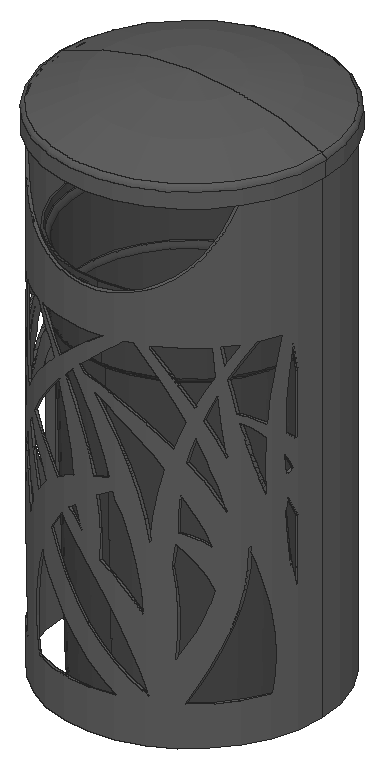
Revit family
Parameters (values of type "TG2-1001")
  Width = Diameter  # 1' - 5 5/8"
  URL = "http://www.sitescapesonline.com/index.asp"
  Type Comments = "TallGrass Small, Round 20 Gal. Capacity, Dome Top"
  Shell Material = Steel - SiteScapes - Powder Coat - Onyx
  Shell Bottom Inset = 0' - 0"  # constant formula
  Product Page URL = "http://www.sitescapesonline.com/tallgrass-TG2-1000.asp"
  Product Documentation Link = "http://www.sitescapesonline.com/pdf/TG2-1001%20-%20Customer%20Print.PDF"
  Model = "TG2-1001"
  Manufacturer = "SiteScapes Inc."  # constant formula
  Lid Bottom Inset = 2' - 9"  # constant formula
  Height = 3' - 0 5/16"  # constant formula
  Diameter = 1' - 5 5/8"  # constant formula
  Description = "Top Opening, Surface Mount"
  Depth = Diameter  # 1' - 5 5/8"
  Copyright © = "SiteScapes © 2012"  # constant formula
  Body Bottom Inset = 0' - 0"  # constant formula
  Lid Type = Lid-Dome_Top-SiteScapes-Cambridge : 18"
  Body Type = Liner-Receptacle-SiteScapes-Cylindrical-PL1-20 : 20 Gal.
  Shell Type = Shell-Surface-SiteScapes-Circular-TallGrass_Small : TallGrass Small
Reference planes (in)
  plane 1 "Center Front/Back": y = 0
  plane 2 "Original Bottom": z = 0
  plane 3 "Center Left/Right": x = 0
  plane 4 "Left": x = -8.8125
  plane 5 "Right": x = 8.8125
  plane 6 "Front": y = -8.8125
  plane 7 "Top": z = 36.3125
  plane 8 "Shell Bottom": z = 0
  plane 9 "Body Top": z = 0
  plane 10 "Lid Bottom": z = 33
  plane 11 "Back": y = 8.8125
Dimensions and locks (in)
  equal spacing: plane 4 "Left", plane 3 "Center Left/Right", plane 5 "Right"
  "Width": plane 4 "Left" to plane 5 "Right"
  equal spacing: plane 11 "Back", plane 1 "Center Front/Back", plane 6 "Front"
  "Depth": plane 11 "Back" to plane 6 "Front"
  "Height": plane 7 "Top" to plane 2 "Original Bottom"
  "Lid Bottom Inset": plane 10 "Lid Bottom" to plane 2 "Original Bottom"
  "Shell Bottom Inset": plane 8 "Shell Bottom" to plane 2 "Original Bottom"
  "Body Bottom Inset": plane 9 "Body Top" to plane 2 "Original Bottom"
  aligned and locked: level to plane 2 "Original Bottom"
  aligned and locked: plane 3 "Center Left/Right" to nested 1
  aligned and locked: plane 1 "Center Front/Back" to nested 1
  aligned and locked: plane 8 "Shell Bottom" to nested 1
  aligned and locked: plane 3 "Center Left/Right" to nested 2
  aligned and locked: plane 1 "Center Front/Back" to nested 2
  aligned and locked: plane 9 "Body Top" to nested 2
  aligned and locked: plane 10 "Lid Bottom" to nested 3
  aligned and locked: plane 3 "Center Left/Right" to nested 3
  aligned and locked: plane 1 "Center Front/Back" to nested 3
Nested families (in)
  nested 1: "Shell-Surface-SiteScapes-Circular-TallGrass_Small" at (0, 0, 0), type <- "Shell Type", type "TallGrass Small"
  nested 2: "Liner-Receptacle-SiteScapes-Cylindrical-PL1-20" at (0, 0, 0), type <- "Body Type", type "20 Gal."
  nested 3: "Lid-Dome_Top-SiteScapes-Cambridge" at (0, 0, 33), type <- "Lid Type", type "18""
Definition of nested family "Shell-Surface-SiteScapes-Circular-TallGrass_Small"
  Parameters (values of type "TallGrass Small")
    Liner Material = none
    Lid Type = Lid-Dome_Top-SiteScapes-Cambridge : 18"
    Frame Material = Steel - SiteScapes - Powder Coat - Onyx
    Diameter = 1' - 10"
    Body Type = Lid-Dome_Top-SiteScapes-Cambridge : 18"
    Assembly Code = ""
  Reference planes (in)
    plane 1 "Center (Front/Back)": y = 0
    plane 2 "Bottom": z = 0
    plane 3 "Center (Left/Right)": x = 0
    plane 4 "Top": z = 34
    plane 5 "Pattern Top": z = 24.35526
    plane 6 "Pattern Bottom": z = 2.70439
    plane 7 "Front": y = -8.8125
    plane 8 "Back": y = 8.8125
    plane 9 "Right": x = 8.8125
    plane 10 "Left": x = -8.8125
  Forms (in)
    Extrusion 1, solid, material "Steel - SiteScapes - Powder Coat - Onyx" <- "Frame Material", detail levels medium+fine
      sketch origin (0, 0, 0) x (1, 0, 0) y (0, 1, 0)
        loop
          circle (0, 0) r 8.8125
        loop
          circle (0, 0) r 8.70703
      from 0 to 34
    Extrusion 2, void
      sketch origin (0, 0, 0) x (1, 0, 0) y (0, 0, 1)
        loop
          line (-4.12525, 2.70439) -> (1.83964, 2.70439)
          arc (1.83964, 2.70439) -> (-1.26793, 5.75959) -> (-3.72872, 9.35622) r 22.51508
          arc (-3.72872, 9.35622) -> (-4.40495, 6.0588) -> (-4.12525, 2.70439) r 11.8316
        loop
          arc (-2.81895, 11.20567) -> (-1.55941, 8.8064) -> (0.00091, 6.59091) r 20.83216
          arc (0.00091, 6.59091) -> (1.68331, 4.71866) -> (3.55557, 3.03626) r 23.59683
          arc (3.55557, 3.03626) -> (2.10169, 6.76469) -> (-0.00099, 10.16964) r 22.09072
          arc (-0.00099, 10.16964) -> (-0.94868, 11.35347) -> (-1.96822, 12.47601) r 24.34845
          arc (-1.96822, 12.47601) -> (-2.41732, 11.85674) -> (-2.81895, 11.20567) r 10.24034
        loop
          arc (-0.45431, 12.06051) -> (-0.62191, 12.77551) -> (-0.86291, 13.46921) r 7.0557
          line (-0.86291, 13.46921) -> (-1.36647, 13.12191)
          arc (-1.36647, 13.12191) -> (-0.85604, 12.63792) -> (-0.45431, 12.06051) r 3.45217
        loop
          arc (0.79816, 10.69083) -> (2.16548, 9.41868) -> (3.27864, 7.91909) r 10.22646
          arc (3.27864, 7.91909) -> (2.78367, 11.57505) -> (1.5538, 15.05334) r 18.00214
          arc (1.5538, 15.05334) -> (1.07482, 14.81729) -> (0.60684, 14.56011) r 11.97047
          arc (0.60684, 14.56011) -> (0.80179, 12.63038) -> (0.79816, 10.69083) r 18.91954
        loop
          arc (4.82487, 5.41345) -> (5.83471, 7.40778) -> (6.42922, 9.56272) r 11.22195
          arc (6.42922, 9.56272) -> (5.8081, 11.08867) -> (4.82487, 12.41064) r 6.53071
          arc (4.82487, 12.41064) -> (4.73658, 11.72837) -> (4.67112, 11.04353) r 20.59457
          arc (4.67112, 11.04353) -> (4.92623, 8.23336) -> (4.82487, 5.41345) r 22.3278
        loop
          arc (6.34757, 12.15734) -> (5.80174, 13.84263) -> (5.026, 15.43523) r 12.65978
          arc (5.026, 15.43523) -> (4.9497, 14.28291) -> (4.94415, 13.12808) r 18.83984
          arc (4.94415, 13.12808) -> (5.72068, 12.75088) -> (6.34757, 12.15734) r 2.83326
        loop
          arc (7.53576, 11.92877) -> (6.98241, 7.1671) -> (5.23199, 2.70439) r 18.62461
          line (5.23199, 2.70439) -> (8.16415, 2.70439)
          arc (8.16415, 2.70439) -> (8.17536, 7.33875) -> (7.53576, 11.92877) r 32.92509
        loop
          line (-8.31431, 2.70439) -> (-5.91995, 2.70439)
          arc (-5.91995, 2.70439) -> (-6.22011, 7.18869) -> (-7.14427, 11.58698) r 32.06704
          arc (-7.14427, 11.58698) -> (-7.9575, 7.17575) -> (-8.31431, 2.70439) r 43.70475
        loop
          arc (-5.28011, 10.77129) -> (-5.08232, 11.25019) -> (-4.85695, 11.71675) r 8.88731
          arc (-4.85695, 11.71675) -> (-5.40342, 13.42422) -> (-5.81697, 15.16866) r 23.29772
          line (-5.81697, 15.16866) -> (-6.21198, 14.26366)
          arc (-6.21198, 14.26366) -> (-5.71822, 12.5249) -> (-5.28011, 10.77129) r 56.72412
        loop
          arc (-5.28278, 16.23121) -> (-4.79829, 14.4915) -> (-4.16814, 12.79909) r 21.29565
          arc (-4.16814, 12.79909) -> (-3.7421, 13.30561) -> (-3.2737, 13.77324) r 7.61717
          arc (-3.2737, 13.77324) -> (-4.17696, 15.15772) -> (-5.12978, 16.50856) r 45.63106
          line (-5.12978, 16.50856) -> (-5.28278, 16.23121)
        loop
          arc (-2.17257, 20.51755) -> (-3.48881, 18.97481) -> (-4.65163, 17.31338) r 21.20226
          arc (-4.65163, 17.31338) -> (-3.44219, 15.94388) -> (-2.28185, 14.53254) r 51.74812
          arc (-2.28185, 14.53254) -> (-1.67311, 14.8847) -> (-1.03749, 15.18564) r 8.55155
          arc (-1.03749, 15.18564) -> (-1.43079, 17.88868) -> (-2.17257, 20.51755) r 20.94167
        loop
          arc (0.40597, 15.65024) -> (0.89939, 15.74861) -> (1.39728, 15.82108) r 9.63336
          arc (1.39728, 15.82108) -> (0.41702, 18.82095) -> (-1.08625, 21.59588) r 17.49441
          line (-1.08625, 21.59588) -> (-1.64878, 21.03661)
          arc (-1.64878, 21.03661) -> (-0.41703, 18.42139) -> (0.40597, 15.65024) r 19.10162
        loop
          arc (5.29564, 19.82941) -> (4.17074, 22.17047) -> (2.76622, 24.35526) r 21.05983
          line (2.76622, 24.35526) -> (2.21889, 24.35526)
          arc (2.21889, 24.35526) -> (0.80505, 23.2645) -> (-0.55335, 22.10542) r 36.24063
          line (-0.55335, 22.10542) -> (-0.24368, 21.71355)
          arc (-0.24368, 21.71355) -> (2.50051, 20.32162) -> (4.71754, 18.18787) r 10.40373
          arc (4.71754, 18.18787) -> (4.99566, 19.01249) -> (5.29564, 19.82941) r 32.67303
        loop
          arc (4.33461, 16.87447) -> (2.61008, 19.04071) -> (0.44383, 20.76524) r 12.2731
          arc (0.44383, 20.76524) -> (2.50757, 16.78011) -> (3.5962, 12.42635) r 19.32004
          arc (3.5962, 12.42635) -> (3.85931, 14.66802) -> (4.33461, 16.87447) r 23.68412
        loop
          arc (5.6648, 18.86071) -> (5.47757, 18.12797) -> (5.31584, 17.38918) r 21.81623
          arc (5.31584, 17.38918) -> (6.1805, 15.87655) -> (6.8395, 14.26366) r 13.26789
          arc (6.8395, 14.26366) -> (6.35079, 16.58739) -> (5.6648, 18.86071) r 27.69401
        loop
          arc (5.64598, 20.70567) -> (6.02903, 21.59653) -> (6.42922, 22.47982) r 50.21547
          line (6.42922, 22.47982) -> (6.31481, 24.35526) -> (3.46958, 24.35526)
          arc (3.46958, 24.35526) -> (4.6468, 22.58355) -> (5.64598, 20.70567) r 21.82867
        loop
          arc (6.76075, 23.18467) -> (7.05181, 23.77144) -> (7.34873, 24.35526) r 65.5119
          line (7.34873, 24.35526) -> (6.62521, 24.35526) -> (6.76075, 23.18467)
        loop
          arc (7.78239, 24.35526) -> (7.32134, 23.32619) -> (6.87359, 22.29127) r 87.54827
          arc (6.87359, 22.29127) -> (7.01641, 21.23781) -> (7.16722, 20.18547) r 139.97015
          arc (7.16722, 20.18547) -> (7.64415, 19.70481) -> (8.03878, 19.15458) r 4.25437
          arc (8.03878, 19.15458) -> (8.17896, 21.75702) -> (8.38275, 24.35526) r 106.55272
          line (8.38275, 24.35526) -> (7.78239, 24.35526)
        loop
          arc (6.50751, 21.38682) -> (6.23859, 20.66633) -> (5.98884, 19.93898) r 29.06273
          arc (5.98884, 19.93898) -> (6.44464, 18.77573) -> (6.8395, 17.59039) r 24.08212
          arc (6.8395, 17.59039) -> (6.66296, 19.48768) -> (6.50751, 21.38682) r 171.46269
        loop
          line (7.36722, 18.86835) -> (7.47869, 18.15367) -> (7.58678, 17.46989) -> (7.64722, 17.09141) -> (7.71067, 16.69526) -> (7.77331, 16.30433) -> (7.81272, 16.05828) -> (7.84515, 15.85612) -> (7.87986, 15.6403) -> (7.91898, 15.39594) -> (7.9622, 15.12303) -> (8.00918, 14.82157)
          arc (8.00918, 14.82157) -> (7.98908, 16.61206) -> (8.01455, 18.40249) r 70.37344
          arc (8.01455, 18.40249) -> (7.68802, 19.04248) -> (7.25251, 19.61391) r 4.00939
          line (7.25251, 19.61391) -> (7.36722, 18.86835)
        loop
          line (-7.26718, 17.62067) -> (-7.16693, 17.3089) -> (-7.08056, 17.03951) -> (-6.98521, 16.74091) -> (-6.88013, 16.41224) -> (-6.76483, 16.05352) -> (-6.46919, 16.64545) -> (-6.14814, 17.22789) -> (-6.23295, 17.99003) -> (-6.51086, 18.35805) -> (-6.76485, 18.69817) -> (-7.00175, 19.0182) -> (-7.23965, 19.34406) -> (-7.49174, 19.69768) -> (-7.72846, 20.04146) -> (-7.84304, 20.21376) -> (-7.93657, 20.35748) -> (-8.03594, 20.51402) -> (-8.13957, 20.68388) -> (-8.24532, 20.86706) -> (-8.14469, 20.49205) -> (-8.04752, 20.14747) -> (-7.95593, 19.83333) -> (-7.85929, 19.50865) -> (-7.7535, 19.16084) -> (-7.64537, 18.81181) -> (-7.45949, 18.22226) -> (-7.26718, 17.62067)
        loop
          arc (-5.95587, 24.35526) -> (-5.97425, 21.40282) -> (-5.70431, 18.46269) r 30.2072
          line (-5.70431, 18.46269) -> (-5.50726, 18.24863) -> (-5.12193, 18.79106) -> (-4.72294, 19.31164) -> (-4.31165, 19.81036) -> (-3.94937, 20.22174) -> (-3.56479, 20.63435) -> (-3.36269, 20.84242) -> (-3.19405, 21.0112) -> (-2.99823, 21.20215) -> (-2.77395, 21.41598) -> (-2.52062, 21.6527)
          arc (-2.52062, 21.6527) -> (-3.31204, 23.02879) -> (-4.18408, 24.35526) r 26.61771
          line (-4.18408, 24.35526) -> (-5.95587, 24.35526)
        loop
          arc (-6.52815, 24.35526) -> (-7.4417, 22.89206) -> (-8.12764, 21.30934) r 11.5746
          line (-8.12764, 21.30934) -> (-8.01021, 21.14164) -> (-7.89959, 20.99158) -> (-7.79858, 20.85915) -> (-7.68994, 20.7198) -> (-7.56679, 20.56576) -> (-7.43936, 20.41013) -> (-7.21425, 20.14253) -> (-6.97688, 19.8683) -> (-6.85254, 19.72709) -> (-6.75043, 19.61162) -> (-6.62963, 19.47565) -> (-6.4885, 19.31866) -> (-6.32576, 19.14064)
          arc (-6.32576, 19.14064) -> (-6.38897, 21.74936) -> (-6.25239, 24.35526) r 34.08022
          line (-6.25239, 24.35526) -> (-6.52815, 24.35526)
        loop
          arc (-2.14529, 21.98888) -> (-0.63647, 23.21771) -> (0.94231, 24.35526) r 32.9274
          line (0.94231, 24.35526) -> (-3.78274, 24.35526)
          arc (-3.78274, 24.35526) -> (-2.91197, 23.20808) -> (-2.14529, 21.98888) r 16.38654
        loop
          line (-8.49819, 21.91204) -> (-8.47309, 21.8654)
          arc (-8.47309, 21.8654) -> (-8.00722, 23.15064) -> (-7.36089, 24.35526) r 9.4556
          line (-7.36089, 24.35526) -> (-8.67705, 24.35526) -> (-8.67705, 22.85375) -> (-8.59804, 22.39957) -> (-8.49819, 21.91204)
        loop
          line (-8.67705, 7.83276) -> (-8.59517, 8.7993) -> (-8.50262, 9.65309) -> (-8.39051, 10.48046) -> (-8.27807, 11.16658) -> (-8.14508, 11.85654) -> (-8.06933, 12.20649) -> (-7.9984, 12.51061) -> (-7.91599, 12.83999) -> (-7.82081, 13.19548) -> (-7.71166, 13.57707) -> (-7.88479, 14.17562) -> (-8.05011, 14.75517) -> (-8.20557, 15.31573) -> (-8.32776, 15.77508) -> (-8.44181, 16.22931) -> (-8.50699, 16.50601) -> (-8.56328, 16.75821) -> (-8.62084, 17.03599) -> (-8.67705, 17.33935) -> (-8.67705, 7.83276)
        loop
          line (-7.96957, 17.90553) -> (-8.18644, 18.9605) -> (-8.23847, 19.22626) -> (-8.27951, 19.43976) -> (-8.32585, 19.68598) -> (-8.37676, 19.96588) -> (-8.43117, 20.27947) -> (-8.57, 19.64385) -> (-8.67705, 18.99847) -> (-8.67705, 18.90822) -> (-8.56976, 18.51212) -> (-8.4391, 18.10735) -> (-8.28817, 17.69391) -> (-8.14712, 17.33804) -> (-7.99179, 16.96815) -> (-7.9074, 16.77438) -> (-7.83494, 16.6104) -> (-7.75176, 16.42441) -> (-7.65669, 16.21582) -> (-7.54875, 15.98463) -> (-7.63409, 16.36488) -> (-7.70737, 16.69659) -> (-7.76938, 16.97977) -> (-7.83294, 17.27042) -> (-7.90187, 17.58873) -> (-7.96957, 17.90553)
        loop
          line (-8.59941, 21.35738) -> (-8.64506, 21.69866) -> (-8.67705, 21.78717) -> (-8.67705, 20.96201) -> (-8.59941, 21.35738)
      from 0 to 12
    Extrusion 3, void
      sketch origin (0, 0, 0) x (0, 1, 0) y (0, 0, 1)
        loop
          spline (-2.58831, 18.4215) -> (-2.52133, 18.36487) -> (-2.45451, 18.30786) -> (-2.38785, 18.25048) -> (-2.32134, 18.19271) -> (-2.25501, 18.13458) -> (-2.18884, 18.07608) -> (-2.12285, 18.01722) -> (-2.05703, 17.958) -> (-1.99139, 17.89842) -> (-1.92595, 17.83848) -> (-1.86069, 17.7782) -> (-1.79562, 17.71758)
          line (-1.79562, 17.71758) -> (-1.79562, 21.88099)
          spline (-1.79562, 21.88099) -> (-1.82606, 22.02659) -> (-1.8561, 22.17228) -> (-1.88572, 22.31805) -> (-1.91493, 22.4639) -> (-1.94373, 22.60983) -> (-1.97212, 22.75585) -> (-2.0001, 22.90194) -> (-2.02766, 23.04811) -> (-2.05482, 23.19436) -> (-2.08156, 23.34068) -> (-2.1079, 23.48708) -> (-2.13382, 23.63356)
          spline (-2.13382, 23.63356) -> (-2.20739, 23.20354) -> (-2.27452, 22.77239) -> (-2.33518, 22.34021) -> (-2.38936, 21.90711) -> (-2.43705, 21.47318) -> (-2.47824, 21.03853) -> (-2.51291, 20.60328) -> (-2.54105, 20.16751) -> (-2.56267, 19.73135) -> (-2.57776, 19.29489) -> (-2.5863, 18.85824) -> (-2.58831, 18.4215)
        loop
          spline (-2.56713, 15.76207) -> (-2.52867, 15.78848) -> (-2.48996, 15.81459) -> (-2.45101, 15.84039) -> (-2.41182, 15.86589) -> (-2.37239, 15.89109) -> (-2.33273, 15.91597) -> (-2.29284, 15.94055) -> (-2.25272, 15.96481) -> (-2.21238, 15.98876) -> (-2.17181, 16.01239) -> (-2.13103, 16.03571) -> (-2.09003, 16.0587)
          spline (-2.09003, 16.0587) -> (-2.13278, 16.14792) -> (-2.1764, 16.23665) -> (-2.22088, 16.32488) -> (-2.26623, 16.4126) -> (-2.31243, 16.49979) -> (-2.35948, 16.58644) -> (-2.40738, 16.67255) -> (-2.4561, 16.75809) -> (-2.50566, 16.84307) -> (-2.55604, 16.92746) -> (-2.60724, 17.01126) -> (-2.65924, 17.09446)
          spline (-2.65924, 17.09446) -> (-2.65369, 16.98328) -> (-2.64774, 16.87212) -> (-2.64142, 16.76099) -> (-2.6347, 16.64988) -> (-2.6276, 16.5388) -> (-2.62012, 16.42774) -> (-2.61225, 16.31671) -> (-2.604, 16.20572) -> (-2.59536, 16.09475) -> (-2.58633, 15.98382) -> (-2.57693, 15.87293) -> (-2.56713, 15.76207)
        loop
          spline (-2.43774, 14.33095) -> (-2.44866, 14.27201) -> (-2.45954, 14.21307) -> (-2.47036, 14.15412) -> (-2.48114, 14.09516) -> (-2.49187, 14.03619) -> (-2.50256, 13.97721) -> (-2.51319, 13.91823) -> (-2.52378, 13.85923) -> (-2.53432, 13.80023) -> (-2.54481, 13.74122) -> (-2.55525, 13.6822) -> (-2.56565, 13.62317)
          spline (-2.56565, 13.62317) -> (-2.53791, 13.18742) -> (-2.50349, 12.75218) -> (-2.46242, 12.31754) -> (-2.4147, 11.8836) -> (-2.36034, 11.45048) -> (-2.29935, 11.01828) -> (-2.23175, 10.58709) -> (-2.15756, 10.15703) -> (-2.07678, 9.72819) -> (-1.98945, 9.30068) -> (-1.89559, 8.8746) -> (-1.7952, 8.45005)
          spline (-1.7952, 8.45005) -> (-1.80115, 8.56819) -> (-1.80603, 8.68637) -> (-1.80983, 8.8046) -> (-1.81256, 8.92286) -> (-1.8142, 9.04114) -> (-1.81478, 9.15943) -> (-1.81427, 9.27772) -> (-1.8127, 9.39601) -> (-1.81004, 9.51427) -> (-1.80631, 9.6325) -> (-1.8015, 9.75069) -> (-1.79562, 9.86883)
          line (-1.79562, 9.86883) -> (-1.79562, 13.0575)
          spline (-1.79562, 13.0575) -> (-1.84738, 13.16478) -> (-1.89945, 13.27186) -> (-1.95185, 13.37874) -> (-2.00457, 13.4854) -> (-2.05761, 13.59186) -> (-2.11097, 13.69811) -> (-2.16464, 13.80413) -> (-2.21864, 13.90994) -> (-2.27294, 14.01553) -> (-2.32756, 14.1209) -> (-2.3825, 14.22604) -> (-2.43774, 14.33095)
      from 0 to 12
    Extrusion 4, void
      sketch origin (0, 0, 0) x (0, 1, 0) y (0, 0, 1)
        loop
          arc (-10.04562, 25.97061) -> (-6.68273, 29.51486) -> (-4.74513, 34) r 13.97711
          line (-4.74513, 34) -> (-10.04562, 34) -> (-10.04562, 25.97061)
      from -9.79933 to 9.84238
  Cuts and joins
    Extrusion 2, Extrusion 3, Extrusion 4 cuts Extrusion 1
  Lines and regions (in)
    Masking region 1, detail levels medium+fine
      outline origin (0, 0, 0) x (1, 0, 0) y (0, 0, 1)
        loop
          line (-8.8125, 34) -> (-8.8125, 0) -> (8.8125, 0) -> (8.8125, 34) -> (-8.8125, 34)
    Masking region 2
      outline origin (0, 0, 34) x (1, 0, 0) y (0, 1, 0)
        loop
          circle (0, 0) r 8.8125
    Masking region 3, detail levels medium+fine
      outline origin (0, 0, 0) x (0, 1, 0) y (0, 0, 1)
        loop
          line (-8.8125, 0) -> (8.8125, 0) -> (8.8125, 34) -> (-4.74513, 34)
          arc (-4.74513, 34) -> (-6.26028, 30.19657) -> (-8.8125, 26.99533) r 13.97711
          line (-8.8125, 26.99533) -> (-8.8125, 0)
    symbolic lines, style "Receptor Shell", detail levels fine
      curve 1: arc (-2.14529, -8.8125, 21.98888) -> (-2.91197, -8.8125, 23.20808) -> (-3.78274, -8.8125, 24.35526) r 16.38654
      curve 2: arc (-2.14529, -8.8125, 21.98888) -> (-0.63647, -8.8125, 23.21771) -> (0.94231, -8.8125, 24.35526) r 32.9274
      curve 3: line (-3.78274, -8.8125, 24.35526) -> (0.94231, -8.8125, 24.35526)
      curve 4: arc (-2.52062, -8.8125, 21.6527) -> (-3.31204, -8.8125, 23.02879) -> (-4.18408, -8.8125, 24.35526) r 26.61771
      curve 5: line (-4.18408, -8.8125, 24.35526) -> (-5.95587, -8.8125, 24.35526)
      curve 6: arc (-5.95587, -8.8125, 24.35526) -> (-5.97425, -8.8125, 21.40282) -> (-5.70431, -8.8125, 18.46269) r 30.2072
      curve 7: line (-5.70431, -8.8125, 18.46269) -> (-5.50726, -8.8125, 18.24863)
      curve 8: arc (-2.52062, -8.8125, 21.6527) -> (-4.11308, -8.8125, 20.03765) -> (-5.50726, -8.8125, 18.24863) r 19.50197
      curve 9: arc (-6.32576, -8.8125, 19.14064) -> (-7.26278, -8.8125, 20.19462) -> (-8.12685, -8.8125, 21.30919) r 20.97496
      curve 10: arc (-8.12685, -8.8125, 21.30919) -> (-7.44156, -8.8125, 22.89208) -> (-6.52815, -8.8125, 24.35526) r 11.54895
      curve 11: arc (-6.25239, -8.8125, 24.35526) -> (-6.38897, -8.8125, 21.74936) -> (-6.32576, -8.8125, 19.14064) r 34.08022
      curve 12: line (-6.25239, -8.8125, 24.35526) -> (-6.52815, -8.8125, 24.35526)
      curve 13: arc (-8.47309, -8.8125, 21.8654) -> (-8.00722, -8.8125, 23.15064) -> (-7.36089, -8.8125, 24.35526) r 9.4556
      curve 14: line (-8.67705, -8.8125, 22.85375) -> (-8.59804, -8.8125, 22.39957)
      curve 15: line (-8.59804, -8.8125, 22.39957) -> (-8.49819, -8.8125, 21.91204)
      curve 16: line (-8.67705, -8.8125, 24.35526) -> (-8.67705, -8.8125, 22.85375)
      curve 17: line (-7.36089, -8.8125, 24.35526) -> (-8.67705, -8.8125, 24.35526)
      curve 18: line (-8.67705, -8.8125, 20.96201) -> (-8.59941, -8.8125, 21.35738)
      curve 19: line (-8.59941, -8.8125, 21.35738) -> (-8.64506, -8.8125, 21.69866)
      curve 20: line (-8.64506, -8.8125, 21.69866) -> (-8.67705, -8.8125, 21.78717)
      curve 21: line (-8.67705, -8.8125, 21.78717) -> (-8.67705, -8.8125, 20.96201)
      curve 22: line (-6.14814, -8.8125, 17.22789) -> (-6.23295, -8.8125, 17.99003)
      curve 23: line (-6.46919, -8.8125, 16.64545) -> (-6.14814, -8.8125, 17.22789)
      curve 24: line (-6.76483, -8.8125, 16.05352) -> (-6.46919, -8.8125, 16.64545)
      curve 25: arc (-6.76483, -8.8125, 16.05352) -> (-7.53241, -8.8125, 18.45188) -> (-8.24532, -8.8125, 20.86706) r 110.84183
      curve 26: arc (-6.23295, -8.8125, 17.99003) -> (-7.2843, -8.8125, 19.39695) -> (-8.24532, -8.8125, 20.86706) r 27.98259
      curve 27: arc (-7.54875, -8.8125, 15.98463) -> (-8.01563, -8.8125, 18.12678) -> (-8.43117, -8.8125, 20.27947) r 91.71249
      curve 28: arc (-8.67705, -8.8125, 18.99847) -> (-8.57034, -8.8125, 19.64208) -> (-8.43117, -8.8125, 20.27947) r 12.88157
      curve 29: arc (-8.67705, -8.8125, 18.90822) -> (-8.68019, -8.8125, 18.95334) -> (-8.67705, -8.8125, 18.99847) r 0.32572
      curve 30: arc (-8.67705, -8.8125, 18.90822) -> (-8.17041, -8.8125, 17.42423) -> (-7.54875, -8.8125, 15.98463) r 19.94514
      curve 31: arc (-7.71166, -8.8125, 13.57707) -> (-8.24478, -8.8125, 15.44527) -> (-8.67705, -8.8125, 17.33935) r 36.25064
      curve 32: arc (-7.71166, -8.8125, 13.57707) -> (-8.33512, -8.8125, 10.72857) -> (-8.67705, -8.8125, 7.83276) r 29.7836
      curve 33: arc (-8.31431, -8.8125, 2.70439) -> (-7.9575, -8.8125, 7.17575) -> (-7.14427, -8.8125, 11.58698) r 43.70475
      curve 34: arc (-7.14427, -8.8125, 11.58698) -> (-6.22011, -8.8125, 7.18869) -> (-5.91995, -8.8125, 2.70439) r 32.06704
      curve 35: line (-8.31431, -8.8125, 2.70439) -> (-5.91995, -8.8125, 2.70439)
      curve 36: line (-4.12525, -8.8125, 2.70439) -> (1.83964, -8.8125, 2.70439)
      curve 37: arc (-3.72872, -8.8125, 9.35622) -> (-4.40495, -8.8125, 6.0588) -> (-4.12525, -8.8125, 2.70439) r 11.8316
      curve 38: arc (1.83964, -8.8125, 2.70439) -> (-1.26793, -8.8125, 5.75959) -> (-3.72872, -8.8125, 9.35622) r 22.51508
      curve 39: arc (-2.81895, -8.8125, 11.20567) -> (-1.55941, -8.8125, 8.8064) -> (0.00091, -8.8125, 6.59091) r 20.83216
      curve 40: arc (0.00091, -8.8125, 6.59091) -> (1.68331, -8.8125, 4.71866) -> (3.55557, -8.8125, 3.03626) r 23.59683
      curve 41: arc (3.55557, -8.8125, 3.03626) -> (2.10169, -8.8125, 6.76469) -> (-0.00099, -8.8125, 10.16964) r 22.09072
      curve 42: arc (-0.00099, -8.8125, 10.16964) -> (-0.94868, -8.8125, 11.35347) -> (-1.96822, -8.8125, 12.47601) r 24.34845
      curve 43: arc (-1.96822, -8.8125, 12.47601) -> (-2.41732, -8.8125, 11.85674) -> (-2.81895, -8.8125, 11.20567) r 10.24034
      curve 44: arc (-1.36647, -8.8125, 13.12191) -> (-0.85604, -8.8125, 12.63792) -> (-0.45431, -8.8125, 12.06051) r 3.45217
      curve 45: arc (-0.45431, -8.8125, 12.06051) -> (-0.62191, -8.8125, 12.77551) -> (-0.86291, -8.8125, 13.46921) r 7.0557
      curve 46: line (-0.86291, -8.8125, 13.46921) -> (-1.36647, -8.8125, 13.12191)
      curve 47: arc (-5.28011, -8.8125, 10.77129) -> (-5.08232, -8.8125, 11.25019) -> (-4.85695, -8.8125, 11.71675) r 8.88731
      curve 48: arc (-4.85695, -8.8125, 11.71675) -> (-5.40342, -8.8125, 13.42422) -> (-5.81697, -8.8125, 15.16866) r 23.29772
      curve 49: arc (-6.21198, -8.8125, 14.26366) -> (-5.71822, -8.8125, 12.5249) -> (-5.28011, -8.8125, 10.77129) r 56.72412
      curve 50: line (-5.81697, -8.8125, 15.16866) -> (-6.21198, -8.8125, 14.26366)
      curve 51: arc (-5.28278, -8.8125, 16.23121) -> (-4.79829, -8.8125, 14.4915) -> (-4.16814, -8.8125, 12.79909) r 21.29565
      curve 52: arc (-4.16814, -8.8125, 12.79909) -> (-3.7421, -8.8125, 13.30561) -> (-3.2737, -8.8125, 13.77324) r 7.61717
      curve 53: arc (-3.2737, -8.8125, 13.77324) -> (-4.17696, -8.8125, 15.15772) -> (-5.12978, -8.8125, 16.50856) r 45.63106
      curve 54: line (-5.12978, -8.8125, 16.50856) -> (-5.28278, -8.8125, 16.23121)
      curve 55: arc (-4.65163, -8.8125, 17.31338) -> (-3.44219, -8.8125, 15.94388) -> (-2.28185, -8.8125, 14.53254) r 51.74812
      curve 56: arc (-2.17257, -8.8125, 20.51755) -> (-3.48881, -8.8125, 18.97481) -> (-4.65163, -8.8125, 17.31338) r 21.20226
      curve 57: arc (-1.03749, -8.8125, 15.18564) -> (-1.43079, -8.8125, 17.88868) -> (-2.17257, -8.8125, 20.51755) r 20.94167
      curve 58: arc (-2.28185, -8.8125, 14.53254) -> (-1.67311, -8.8125, 14.8847) -> (-1.03749, -8.8125, 15.18564) r 8.55155
      curve 59: arc (-1.64878, -8.8125, 21.03661) -> (-0.41703, -8.8125, 18.42139) -> (0.40597, -8.8125, 15.65024) r 19.10162
      curve 60: arc (1.39728, -8.8125, 15.82108) -> (0.41702, -8.8125, 18.82095) -> (-1.08625, -8.8125, 21.59588) r 17.49441
      curve 61: line (-1.08625, -8.8125, 21.59588) -> (-1.64878, -8.8125, 21.03661)
      curve 62: arc (0.40597, -8.8125, 15.65024) -> (0.89939, -8.8125, 15.74861) -> (1.39728, -8.8125, 15.82108) r 9.63336
      curve 63: arc (0.79816, -8.8125, 10.69083) -> (2.16548, -8.8125, 9.41868) -> (3.27864, -8.8125, 7.91909) r 10.22646
      curve 64: arc (0.60684, -8.8125, 14.56011) -> (0.80179, -8.8125, 12.63038) -> (0.79816, -8.8125, 10.69083) r 18.91954
      curve 65: arc (3.27864, -8.8125, 7.91909) -> (2.78367, -8.8125, 11.57505) -> (1.5538, -8.8125, 15.05334) r 18.00214
      curve 66: arc (1.5538, -8.8125, 15.05334) -> (1.07482, -8.8125, 14.81729) -> (0.60684, -8.8125, 14.56011) r 11.97047
      curve 67: arc (4.67112, -8.8125, 11.04353) -> (4.92623, -8.8125, 8.23336) -> (4.82487, -8.8125, 5.41345) r 22.3278
      curve 68: arc (4.82487, -8.8125, 5.41345) -> (5.83471, -8.8125, 7.40778) -> (6.42922, -8.8125, 9.56272) r 11.22195
      curve 69: arc (6.42922, -8.8125, 9.56272) -> (5.8081, -8.8125, 11.08867) -> (4.82487, -8.8125, 12.41064) r 6.53071
      curve 70: arc (4.82487, -8.8125, 12.41064) -> (4.73658, -8.8125, 11.72837) -> (4.67112, -8.8125, 11.04353) r 20.59457
      curve 71: arc (7.53576, -8.8125, 11.92877) -> (6.98241, -8.8125, 7.1671) -> (5.23199, -8.8125, 2.70439) r 18.62461
      curve 72: arc (8.16415, -8.8125, 2.70439) -> (8.17536, -8.8125, 7.33875) -> (7.53576, -8.8125, 11.92877) r 32.92509
      curve 73: line (5.23199, -8.8125, 2.70439) -> (8.16415, -8.8125, 2.70439)
      curve 74: arc (4.94415, -8.8125, 13.12808) -> (5.72068, -8.8125, 12.75088) -> (6.34757, -8.8125, 12.15734) r 2.83326
      curve 75: arc (5.026, -8.8125, 15.43523) -> (4.9497, -8.8125, 14.28291) -> (4.94415, -8.8125, 13.12808) r 18.83984
      curve 76: arc (6.34757, -8.8125, 12.15734) -> (5.80174, -8.8125, 13.84263) -> (5.026, -8.8125, 15.43523) r 12.65978
      curve 77: arc (3.5962, -8.8125, 12.42635) -> (3.85931, -8.8125, 14.66802) -> (4.33461, -8.8125, 16.87447) r 23.68412
      curve 78: arc (4.33461, -8.8125, 16.87447) -> (2.61008, -8.8125, 19.04071) -> (0.44383, -8.8125, 20.76524) r 12.2731
      curve 79: arc (0.44383, -8.8125, 20.76524) -> (2.50757, -8.8125, 16.78011) -> (3.5962, -8.8125, 12.42635) r 19.32004
      curve 80: arc (-0.24368, -8.8125, 21.71355) -> (2.50051, -8.8125, 20.32162) -> (4.71754, -8.8125, 18.18787) r 10.40373
      curve 81: line (-0.55335, -8.8125, 22.10542) -> (-0.24368, -8.8125, 21.71355)
      curve 82: arc (2.21889, -8.8125, 24.35526) -> (0.80505, -8.8125, 23.2645) -> (-0.55335, -8.8125, 22.10542) r 36.24063
      curve 83: line (2.76622, -8.8125, 24.35526) -> (2.21889, -8.8125, 24.35526)
      curve 84: arc (5.29564, -8.8125, 19.82941) -> (4.17074, -8.8125, 22.17047) -> (2.76622, -8.8125, 24.35526) r 21.05983
      curve 85: arc (4.71754, -8.8125, 18.18787) -> (4.99566, -8.8125, 19.01249) -> (5.29564, -8.8125, 19.82941) r 32.67303
      curve 86: arc (5.31584, -8.8125, 17.38918) -> (6.1805, -8.8125, 15.87655) -> (6.8395, -8.8125, 14.26366) r 13.26789
      curve 87: arc (6.8395, -8.8125, 14.26366) -> (6.35079, -8.8125, 16.58739) -> (5.6648, -8.8125, 18.86071) r 27.69401
      curve 88: arc (5.6648, -8.8125, 18.86071) -> (5.47757, -8.8125, 18.12797) -> (5.31584, -8.8125, 17.38918) r 21.81623
      curve 89: arc (5.98884, -8.8125, 19.93898) -> (6.44464, -8.8125, 18.77573) -> (6.8395, -8.8125, 17.59039) r 24.08212
      curve 90: arc (6.8395, -8.8125, 17.59039) -> (6.66296, -8.8125, 19.48768) -> (6.50751, -8.8125, 21.38682) r 171.46269
      curve 91: arc (6.50751, -8.8125, 21.38682) -> (6.23859, -8.8125, 20.66633) -> (5.98884, -8.8125, 19.93898) r 29.06273
      curve 92: arc (3.46958, -8.8125, 24.35526) -> (4.6468, -8.8125, 22.58355) -> (5.64598, -8.8125, 20.70567) r 21.82867
      curve 93: arc (5.64598, -8.8125, 20.70567) -> (6.02903, -8.8125, 21.59653) -> (6.42922, -8.8125, 22.47982) r 50.21547
      curve 94: line (6.42922, -8.8125, 22.47982) -> (6.31481, -8.8125, 24.35526)
      curve 95: line (6.31481, -8.8125, 24.35526) -> (3.46958, -8.8125, 24.35526)
      curve 96: line (6.62521, -8.8125, 24.35526) -> (6.76075, -8.8125, 23.18467)
      curve 97: line (7.34873, -8.8125, 24.35526) -> (6.62521, -8.8125, 24.35526)
      curve 98: arc (6.76075, -8.8125, 23.18467) -> (7.05181, -8.8125, 23.77144) -> (7.34873, -8.8125, 24.35526) r 65.5119
      curve 99: arc (7.78239, -8.8125, 24.35526) -> (7.32134, -8.8125, 23.32619) -> (6.87359, -8.8125, 22.29127) r 87.54827
      curve 100: arc (6.87359, -8.8125, 22.29127) -> (7.01641, -8.8125, 21.23781) -> (7.16722, -8.8125, 20.18547) r 139.97015
      curve 101: arc (7.16722, -8.8125, 20.18547) -> (7.64415, -8.8125, 19.70481) -> (8.03878, -8.8125, 19.15458) r 4.25437
      curve 102: arc (8.03878, -8.8125, 19.15458) -> (8.17896, -8.8125, 21.75702) -> (8.38275, -8.8125, 24.35526) r 106.55272
      curve 103: line (8.38275, -8.8125, 24.35526) -> (7.78239, -8.8125, 24.35526)
      curve 104: arc (8.01455, -8.8125, 18.40249) -> (7.69721, -8.8125, 19.0278) -> (7.27577, -8.8125, 19.58826) r 4.00939
      curve 105: arc (8.00918, -8.8125, 14.82157) -> (7.98908, -8.8125, 16.61206) -> (8.01455, -8.8125, 18.40249) r 70.37344
      curve 106: arc (8.00918, -8.8125, 14.82157) -> (7.62445, -8.8125, 17.20214) -> (7.27577, -8.8125, 19.58826) r 159.41057
      curve 107: line (8.62771, -8.8125, 8.45005) -> (8.43069, -8.8125, 13.62693)
      curve 108: spline (8.43069, -8.8125, 13.62693) -> (8.43391, -8.8125, 13.6857) -> (8.43712, -8.8125, 13.74446) -> (8.44032, -8.8125, 13.80323) -> (8.4435, -8.8125, 13.86201) -> (8.44667, -8.8125, 13.92078) -> (8.44982, -8.8125, 13.97955) -> (8.45296, -8.8125, 14.03832) -> (8.45608, -8.8125, 14.0971) -> (8.45919, -8.8125, 14.15587) -> (8.46229, -8.8125, 14.21465) -> (8.46537, -8.8125, 14.27342) -> (8.46843, -8.8125, 14.3322)
      curve 109: spline (8.46843, -8.8125, 14.3322) -> (8.48414, -8.8125, 14.22716) -> (8.4994, -8.8125, 14.12189) -> (8.51422, -8.8125, 14.0164) -> (8.5286, -8.8125, 13.9107) -> (8.54254, -8.8125, 13.80478) -> (8.55603, -8.8125, 13.69864) -> (8.56907, -8.8125, 13.5923) -> (8.58167, -8.8125, 13.48574) -> (8.59383, -8.8125, 13.37898) -> (8.60554, -8.8125, 13.27202) -> (8.6168, -8.8125, 13.16486) -> (8.62762, -8.8125, 13.0575)
      curve 110: line (8.62762, -8.8125, 13.0575) -> (8.62762, -8.8125, 9.86883)
      curve 111: spline (8.62762, -8.8125, 9.86883) -> (8.6264, -8.8125, 9.75069) -> (8.6254, -8.8125, 9.6325) -> (8.62462, -8.8125, 9.51427) -> (8.62407, -8.8125, 9.39601) -> (8.62374, -8.8125, 9.27772) -> (8.62364, -8.8125, 9.15943) -> (8.62376, -8.8125, 9.04114) -> (8.6241, -8.8125, 8.92286) -> (8.62467, -8.8125, 8.8046) -> (8.62546, -8.8125, 8.68637) -> (8.62647, -8.8125, 8.56819) -> (8.62771, -8.8125, 8.45005)
      curve 112: spline (8.4303, -8.8125, 15.76207) -> (8.42731, -8.8125, 15.87293) -> (8.42444, -8.8125, 15.98382) -> (8.42167, -8.8125, 16.09475) -> (8.41901, -8.8125, 16.20572) -> (8.41646, -8.8125, 16.31671) -> (8.41402, -8.8125, 16.42774) -> (8.4117, -8.8125, 16.5388) -> (8.40948, -8.8125, 16.64988) -> (8.40737, -8.8125, 16.76099) -> (8.40537, -8.8125, 16.87212) -> (8.40348, -8.8125, 16.98328) -> (8.4017, -8.8125, 17.09446)
      curve 113: spline (8.4017, -8.8125, 17.09446) -> (8.41799, -8.8125, 17.01121) -> (8.43373, -8.8125, 16.92738) -> (8.44893, -8.8125, 16.84296) -> (8.46359, -8.8125, 16.75796) -> (8.4777, -8.8125, 16.6724) -> (8.49127, -8.8125, 16.5863) -> (8.50429, -8.8125, 16.49965) -> (8.51675, -8.8125, 16.41247) -> (8.52866, -8.8125, 16.32478) -> (8.54002, -8.8125, 16.23658) -> (8.55083, -8.8125, 16.14788) -> (8.56107, -8.8125, 16.0587)
      curve 114: spline (8.56107, -8.8125, 16.0587) -> (8.55096, -8.8125, 16.0357) -> (8.5407, -8.8125, 16.01237) -> (8.5303, -8.8125, 15.98873) -> (8.51975, -8.8125, 15.96478) -> (8.50906, -8.8125, 15.94051) -> (8.49823, -8.8125, 15.91594) -> (8.48726, -8.8125, 15.89105) -> (8.47615, -8.8125, 15.86586) -> (8.46489, -8.8125, 15.84036) -> (8.4535, -8.8125, 15.81457) -> (8.44197, -8.8125, 15.78847) -> (8.4303, -8.8125, 15.76207)
      curve 115: spline (8.62762, -8.8125, 17.71758) -> (8.61385, -8.8125, 17.77826) -> (8.59949, -8.8125, 17.83858) -> (8.58454, -8.8125, 17.89855) -> (8.56901, -8.8125, 17.95816) -> (8.55289, -8.8125, 18.0174) -> (8.53619, -8.8125, 18.07627) -> (8.51891, -8.8125, 18.13477) -> (8.50105, -8.8125, 18.19289) -> (8.4826, -8.8125, 18.25064) -> (8.46358, -8.8125, 18.308) -> (8.44398, -8.8125, 18.36497) -> (8.4238, -8.8125, 18.42156)
      curve 116: line (8.62762, -8.8125, 21.88099) -> (8.62762, -8.8125, 17.71758)
      curve 117: spline (8.4238, -8.8125, 18.42156) -> (8.42439, -8.8125, 18.85826) -> (8.42679, -8.8125, 19.29488) -> (8.43101, -8.8125, 19.73131) -> (8.43704, -8.8125, 20.16744) -> (8.44488, -8.8125, 20.60316) -> (8.45453, -8.8125, 21.03839) -> (8.46599, -8.8125, 21.473) -> (8.47925, -8.8125, 21.90691) -> (8.49431, -8.8125, 22.33999) -> (8.51117, -8.8125, 22.77216) -> (8.52983, -8.8125, 23.2033) -> (8.55027, -8.8125, 23.63332)
      curve 118: spline (8.55027, -8.8125, 23.63332) -> (8.55669, -8.8125, 23.48687) -> (8.56312, -8.8125, 23.34049) -> (8.56955, -8.8125, 23.19418) -> (8.57598, -8.8125, 23.04795) -> (8.58242, -8.8125, 22.9018) -> (8.58887, -8.8125, 22.75572) -> (8.59532, -8.8125, 22.60973) -> (8.60177, -8.8125, 22.46381) -> (8.60823, -8.8125, 22.31798) -> (8.61469, -8.8125, 22.17223) -> (8.62115, -8.8125, 22.02657) -> (8.62762, -8.8125, 21.88099)
      curve 119: line (-8.67705, -8.8125, 17.33935) -> (-8.67705, -8.8125, 7.83276)
      curve 120: line (7.42589, -8.8125, 34) -> (-7.42589, -8.8125, 34)
    reference lines
      curve 121: arc (-8.8125, 0, 34) -> (0, -8.8125, 34) -> (8.8125, 0, 34) r 8.8125
    model lines, style "Receptor Shell", detail levels coarse
      curve 122: arc (8.8125, 0, 34) -> (0, 8.8125, 34) -> (-8.8125, 0, 34) r 8.8125
      curve 123: arc (-8.8125, 0, 34) -> (0, -8.8125, 34) -> (8.8125, 0, 34) r 8.8125
      curve 124: arc (8.8125, 0, 0) -> (0, 8.8125, 0) -> (-8.8125, 0, 0) r 8.8125
      curve 125: arc (-8.8125, 0, 0) -> (0, -8.8125, 0) -> (8.8125, 0, 0) r 8.8125
      curve 126: line (-8.8125, 0, 0) -> (-8.8125, 0, 34)
      curve 127: line (8.8125, 0, 0) -> (8.8125, 0, 34)
      curve 128: line (0, -8.8125, 0) -> (0, -8.8125, 34)
      curve 129: line (0, 8.8125, 0) -> (0, 8.8125, 34)
    symbolic lines, style "Receptor Shell", detail levels medium+fine
      curve 130: line (0, -4.56863, 11.92877) -> (0, -3.31766, 2.70439)
      curve 131: line (0, -7.09129, 2.70439) -> (0, -4.56863, 11.92877)
      curve 132: line (0, -7.09129, 2.70439) -> (0, -3.31766, 2.70439)
      curve 133: spline (0, -2.56586, 13.62693) -> (0, -2.53815, 13.19086) -> (0, -2.50377, 12.7553) -> (0, -2.46271, 12.32034) -> (0, -2.41499, 11.88609) -> (0, -2.36063, 11.45266) -> (0, -2.29963, 11.02014) -> (0, -2.23201, 10.58864) -> (0, -2.15778, 10.15826) -> (0, -2.07697, 9.72911) -> (0, -1.98958, 9.30129) -> (0, -1.89566, 8.87491) -> (0, -1.7952, 8.45005)
      curve 134: line (0, -2.56586, 13.62693) -> (0, -2.4384, 14.3322)
      curve 135: spline (0, -1.79562, 13.0575) -> (0, -1.84743, 13.16489) -> (0, -1.89956, 13.27208) -> (0, -1.95201, 13.37906) -> (0, -2.00478, 13.48583) -> (0, -2.05787, 13.59239) -> (0, -2.11129, 13.69874) -> (0, -2.16502, 13.80487) -> (0, -2.21907, 13.91078) -> (0, -2.27343, 14.01648) -> (0, -2.32811, 14.12194) -> (0, -2.3831, 14.22719) -> (0, -2.4384, 14.3322)
      curve 136: line (0, -1.79562, 9.86883) -> (0, -1.79562, 13.0575)
      curve 137: spline (0, -1.7952, 8.45005) -> (0, -1.80115, 8.56819) -> (0, -1.80603, 8.68637) -> (0, -1.80983, 8.8046) -> (0, -1.81256, 8.92286) -> (0, -1.8142, 9.04114) -> (0, -1.81478, 9.15943) -> (0, -1.81427, 9.27772) -> (0, -1.8127, 9.39601) -> (0, -1.81004, 9.51427) -> (0, -1.80631, 9.6325) -> (0, -1.8015, 9.75069) -> (0, -1.79562, 9.86883)
      curve 138: spline (0, -2.56713, 15.76207) -> (0, -2.52867, 15.78848) -> (0, -2.48996, 15.81459) -> (0, -2.45101, 15.84039) -> (0, -2.41182, 15.86589) -> (0, -2.37239, 15.89109) -> (0, -2.33273, 15.91597) -> (0, -2.29284, 15.94055) -> (0, -2.25272, 15.96481) -> (0, -2.21238, 15.98876) -> (0, -2.17181, 16.01239) -> (0, -2.13103, 16.03571) -> (0, -2.09003, 16.0587)
      curve 139: spline (0, -2.65924, 17.09446) -> (0, -2.65369, 16.98328) -> (0, -2.64774, 16.87212) -> (0, -2.64142, 16.76099) -> (0, -2.6347, 16.64988) -> (0, -2.6276, 16.5388) -> (0, -2.62012, 16.42774) -> (0, -2.61225, 16.31671) -> (0, -2.604, 16.20572) -> (0, -2.59536, 16.09475) -> (0, -2.58633, 15.98382) -> (0, -2.57693, 15.87293) -> (0, -2.56713, 15.76207)
      curve 140: spline (0, -2.09003, 16.0587) -> (0, -2.13278, 16.14792) -> (0, -2.1764, 16.23665) -> (0, -2.22088, 16.32488) -> (0, -2.26623, 16.4126) -> (0, -2.31243, 16.49979) -> (0, -2.35948, 16.58644) -> (0, -2.40738, 16.67255) -> (0, -2.4561, 16.75809) -> (0, -2.50566, 16.84307) -> (0, -2.55604, 16.92746) -> (0, -2.60724, 17.01126) -> (0, -2.65924, 17.09446)
      curve 141: line (0, -1.79562, 17.71758) -> (0, -1.79562, 21.88099)
      curve 142: spline (0, -2.58831, 18.4215) -> (0, -2.52133, 18.36487) -> (0, -2.45451, 18.30786) -> (0, -2.38785, 18.25048) -> (0, -2.32134, 18.19271) -> (0, -2.25501, 18.13458) -> (0, -2.18884, 18.07608) -> (0, -2.12285, 18.01722) -> (0, -2.05703, 17.958) -> (0, -1.99139, 17.89842) -> (0, -1.92595, 17.83848) -> (0, -1.86069, 17.7782) -> (0, -1.79562, 17.71758)
      curve 143: spline (0, -2.13382, 23.63356) -> (0, -2.20739, 23.20354) -> (0, -2.27452, 22.77239) -> (0, -2.33518, 22.34021) -> (0, -2.38936, 21.90711) -> (0, -2.43705, 21.47318) -> (0, -2.47824, 21.03853) -> (0, -2.51291, 20.60328) -> (0, -2.54105, 20.16751) -> (0, -2.56267, 19.73135) -> (0, -2.57776, 19.29489) -> (0, -2.5863, 18.85824) -> (0, -2.58831, 18.4215)
      curve 144: spline (0, -1.79562, 21.88099) -> (0, -1.82606, 22.02659) -> (0, -1.8561, 22.17228) -> (0, -1.88572, 22.31805) -> (0, -1.91493, 22.4639) -> (0, -1.94373, 22.60983) -> (0, -1.97212, 22.75585) -> (0, -2.0001, 22.90194) -> (0, -2.02766, 23.04811) -> (0, -2.05482, 23.19436) -> (0, -2.08156, 23.34068) -> (0, -2.1079, 23.48708) -> (0, -2.13382, 23.63356)
      curve 145: line (0, -2.7184, 24.35526) -> (0, -3.61086, 19.15453)
      curve 146: spline (0, -3.61086, 19.15453) -> (0, -3.73873, 19.24926) -> (0, -3.86647, 19.34248) -> (0, -3.99404, 19.43417) -> (0, -4.12139, 19.5243) -> (0, -4.24849, 19.61283) -> (0, -4.37528, 19.69973) -> (0, -4.50174, 19.78499) -> (0, -4.62781, 19.86856) -> (0, -4.75347, 19.95043) -> (0, -4.87866, 20.03056) -> (0, -5.00335, 20.10894) -> (0, -5.1275, 20.18553)
      curve 147: spline (0, -5.1275, 20.18553) -> (0, -5.163, 20.36025) -> (0, -5.19793, 20.53511) -> (0, -5.23226, 20.71012) -> (0, -5.26601, 20.88527) -> (0, -5.29918, 21.06055) -> (0, -5.33175, 21.23597) -> (0, -5.36374, 21.41153) -> (0, -5.39515, 21.58722) -> (0, -5.42596, 21.76304) -> (0, -5.45619, 21.93899) -> (0, -5.48583, 22.11507) -> (0, -5.51488, 22.29127)
      curve 148: spline (0, -5.51488, 22.29127) -> (0, -5.41789, 22.47408) -> (0, -5.31751, 22.65511) -> (0, -5.21377, 22.83429) -> (0, -5.1067, 23.01158) -> (0, -4.99635, 23.18691) -> (0, -4.88273, 23.36024) -> (0, -4.76589, 23.53152) -> (0, -4.64585, 23.70068) -> (0, -4.52267, 23.86769) -> (0, -4.39636, 24.03249) -> (0, -4.26698, 24.19503) -> (0, -4.13455, 24.35526)
      curve 149: line (0, -2.7184, 24.35526) -> (0, -4.13455, 24.35526)
      curve 150: spline (0, -4.86378, 24.35526) -> (0, -4.93551, 24.2614) -> (0, -5.00617, 24.16684) -> (0, -5.07576, 24.07159) -> (0, -5.14427, 23.97565) -> (0, -5.2117, 23.87904) -> (0, -5.27803, 23.78176) -> (0, -5.34325, 23.68382) -> (0, -5.40738, 23.58524) -> (0, -5.47038, 23.48603) -> (0, -5.53227, 23.38619) -> (0, -5.59302, 23.28573) -> (0, -5.65265, 23.18467)
      curve 151: spline (0, -5.65265, 23.18467) -> (0, -5.66612, 23.28219) -> (0, -5.67954, 23.3797) -> (0, -5.69291, 23.47723) -> (0, -5.70623, 23.57476) -> (0, -5.7195, 23.6723) -> (0, -5.73271, 23.76984) -> (0, -5.74588, 23.8674) -> (0, -5.75899, 23.96496) -> (0, -5.77205, 24.06252) -> (0, -5.78506, 24.16009) -> (0, -5.79801, 24.25767) -> (0, -5.81092, 24.35526)
      curve 152: line (0, -4.86378, 24.35526) -> (0, -5.81092, 24.35526)
      curve 153: spline (0, -5.94243, 21.38682) -> (0, -5.91563, 21.06966) -> (0, -5.88786, 20.75263) -> (0, -5.85912, 20.43574) -> (0, -5.82942, 20.11898) -> (0, -5.79875, 19.80236) -> (0, -5.76712, 19.4859) -> (0, -5.73452, 19.16958) -> (0, -5.70096, 18.85342) -> (0, -5.66644, 18.53741) -> (0, -5.63096, 18.22157) -> (0, -5.59451, 17.9059) -> (0, -5.5571, 17.59039)
      curve 154: spline (0, -5.5571, 17.59039) -> (0, -5.63219, 17.78953) -> (0, -5.7074, 17.98808) -> (0, -5.78271, 18.18605) -> (0, -5.85814, 18.38341) -> (0, -5.93367, 18.58015) -> (0, -6.0093, 18.77627) -> (0, -6.08502, 18.97174) -> (0, -6.16082, 19.16655) -> (0, -6.23671, 19.36069) -> (0, -6.31268, 19.55416) -> (0, -6.38872, 19.74692) -> (0, -6.46482, 19.93898)
      curve 155: spline (0, -6.46482, 19.93898) -> (0, -6.42684, 20.06243) -> (0, -6.38784, 20.18539) -> (0, -6.34782, 20.30788) -> (0, -6.30679, 20.42987) -> (0, -6.26475, 20.55135) -> (0, -6.22169, 20.67233) -> (0, -6.17764, 20.79277) -> (0, -6.13258, 20.91269) -> (0, -6.08653, 21.03206) -> (0, -6.03949, 21.15088) -> (0, -5.99145, 21.26914) -> (0, -5.94243, 21.38682)
      curve 156: spline (0, -7.02866, 17.38918) -> (0, -7.00947, 17.51339) -> (0, -6.98955, 17.63734) -> (0, -6.9689, 17.76102) -> (0, -6.94753, 17.88442) -> (0, -6.92543, 18.00754) -> (0, -6.90261, 18.13037) -> (0, -6.87907, 18.25289) -> (0, -6.8548, 18.37511) -> (0, -6.82982, 18.497) -> (0, -6.80412, 18.61858) -> (0, -6.7777, 18.73981) -> (0, -6.75057, 18.86071)
      curve 157: line (0, -6.75057, 18.86071) -> (0, -5.5571, 14.26366)
      curve 158: line (0, -5.5571, 14.26366) -> (0, -7.02866, 17.38918)
      curve 159: line (0, -5.00613, 19.61391) -> (0, -3.66431, 18.40249)
      curve 160: spline (0, -3.66431, 18.40249) -> (0, -3.68038, 18.10442) -> (0, -3.69371, 17.80619) -> (0, -3.7043, 17.50782) -> (0, -3.71214, 17.20935) -> (0, -3.71724, 16.91081) -> (0, -3.71959, 16.61223) -> (0, -3.71919, 16.31363) -> (0, -3.71605, 16.01506) -> (0, -3.71016, 15.71654) -> (0, -3.70153, 15.41809) -> (0, -3.69015, 15.11976) -> (0, -3.67603, 14.82157)
      curve 161: arc (0, -5.00613, 19.61391) -> (0, -4.42437, 17.19462) -> (0, -3.67603, 14.82157) r 35.81204
      curve 162: line (0, -6.76632, 20.70567) -> (0, -8.10075, 24.35526)
      curve 163: line (0, -6.14681, 24.35526) -> (0, -8.10075, 24.35526)
      curve 164: spline (0, -6.14681, 24.35526) -> (0, -6.137, 24.19896) -> (0, -6.12716, 24.04267) -> (0, -6.11729, 23.88637) -> (0, -6.10739, 23.73008) -> (0, -6.09746, 23.57379) -> (0, -6.08749, 23.41751) -> (0, -6.07749, 23.26122) -> (0, -6.06747, 23.10494) -> (0, -6.05741, 22.94866) -> (0, -6.04732, 22.79238) -> (0, -6.0372, 22.6361) -> (0, -6.02705, 22.47982)
      curve 165: spline (0, -6.02705, 22.47982) -> (0, -6.09689, 22.336) -> (0, -6.16525, 22.19139) -> (0, -6.23213, 22.04603) -> (0, -6.29752, 21.89991) -> (0, -6.36141, 21.75306) -> (0, -6.4238, 21.60549) -> (0, -6.48469, 21.45721) -> (0, -6.54406, 21.30824) -> (0, -6.60192, 21.15858) -> (0, -6.65825, 21.00826) -> (0, -6.71305, 20.85729) -> (0, -6.76632, 20.70567)
      curve 166: line (0, -8.36709, 24.35526) -> (0, -7.04389, 19.82941)
      curve 167: spline (0, -8.79473, 22.10531) -> (0, -8.80683, 22.30473) -> (0, -8.81269, 22.50231) -> (0, -8.8123, 22.69796) -> (0, -8.80567, 22.89156) -> (0, -8.79281, 23.08302) -> (0, -8.77371, 23.27224) -> (0, -8.74838, 23.45913) -> (0, -8.71685, 23.64359) -> (0, -8.67912, 23.82553) -> (0, -8.63522, 24.00484) -> (0, -8.58517, 24.18145) -> (0, -8.52898, 24.35526)
      curve 168: line (0, -8.36709, 24.35526) -> (0, -8.52898, 24.35526)
      curve 169: line (0, -7.44345, 18.18787) -> (0, -8.80913, 21.71355)
      curve 170: spline (0, -7.04389, 19.82941) -> (0, -7.08194, 19.69483) -> (0, -7.11914, 19.55983) -> (0, -7.15547, 19.42441) -> (0, -7.19094, 19.28857) -> (0, -7.22555, 19.15233) -> (0, -7.25929, 19.01569) -> (0, -7.29216, 18.87866) -> (0, -7.32417, 18.74124) -> (0, -7.3553, 18.60344) -> (0, -7.38556, 18.46528) -> (0, -7.41495, 18.32675) -> (0, -7.44345, 18.18787)
      curve 171: line (0, -7.67276, 16.87447) -> (0, -8.04534, 12.42635)
      curve 172: line (0, -8.04534, 12.42635) -> (0, -8.80132, 20.76524)
      curve 173: line (0, -8.80132, 20.76524) -> (0, -7.67276, 16.87447)
      curve 174: spline (0, -7.2949, 13.12808) -> (0, -7.29761, 13.32063) -> (0, -7.29898, 13.51323) -> (0, -7.299, 13.70585) -> (0, -7.29768, 13.89845) -> (0, -7.29501, 14.09101) -> (0, -7.291, 14.2835) -> (0, -7.28565, 14.47588) -> (0, -7.27895, 14.66813) -> (0, -7.27091, 14.86022) -> (0, -7.26153, 15.05212) -> (0, -7.25081, 15.2438) -> (0, -7.23875, 15.43523)
      curve 175: line (0, -7.23875, 15.43523) -> (0, -6.11297, 12.15734)
      curve 176: line (0, -6.11297, 12.15734) -> (0, -7.2949, 13.12808)
      curve 177: line (0, -7.37434, 12.41064) -> (0, -6.02705, 9.56272)
      curve 178: spline (0, -7.47272, 11.04239) -> (0, -7.46689, 11.15693) -> (0, -7.46062, 11.27139) -> (0, -7.45392, 11.38577) -> (0, -7.44679, 11.50006) -> (0, -7.43923, 11.61425) -> (0, -7.43124, 11.72836) -> (0, -7.42283, 11.84236) -> (0, -7.41399, 11.95625) -> (0, -7.40471, 12.07003) -> (0, -7.39501, 12.18369) -> (0, -7.38489, 12.29723) -> (0, -7.37434, 12.41064)
      curve 179: spline (0, -7.37419, 5.41391) -> (0, -7.34696, 5.88233) -> (0, -7.32617, 6.35186) -> (0, -7.31182, 6.8222) -> (0, -7.30392, 7.29304) -> (0, -7.30247, 7.76409) -> (0, -7.30749, 8.23505) -> (0, -7.31896, 8.70563) -> (0, -7.33687, 9.17553) -> (0, -7.36123, 9.64445) -> (0, -7.392, 10.1121) -> (0, -7.42917, 10.57818) -> (0, -7.47272, 11.04239)
      curve 180: line (0, -6.02705, 9.56272) -> (0, -7.37419, 5.41391)
      curve 181: line (0, -8.1799, 7.91909) -> (0, -8.77628, 10.69083)
      curve 182: line (0, -8.67444, 15.05334) -> (0, -8.1799, 7.91909)
      curve 183: spline (0, -8.79158, 14.56011) -> (0, -8.78591, 14.60466) -> (0, -8.77948, 14.6486) -> (0, -8.77232, 14.69193) -> (0, -8.7644, 14.73463) -> (0, -8.75575, 14.77671) -> (0, -8.74635, 14.81816) -> (0, -8.73621, 14.85898) -> (0, -8.72533, 14.89915) -> (0, -8.71371, 14.93868) -> (0, -8.70135, 14.97756) -> (0, -8.68826, 15.01578) -> (0, -8.67444, 15.05334)
      curve 184: line (0, -8.06338, 3.03626) -> (0, -8.8125, 6.59091)
      curve 185: line (0, -8.8125, 10.16964) -> (0, -8.06338, 3.03626)
  Dimensions and locks (in)
    locked: plane 3 "Center (Left/Right)" to Masking region 1 sketch curve at 8.8125  (x2)
    locked: plane 4 "Top" to plane 2 "Bottom" at 34
    locked: plane 5 "Pattern Top" to plane 2 "Bottom" at 24.35526
    aligned and locked: plane 2 "Bottom" to level
    aligned: Extrusion 1 to plane 2 "Bottom"
    aligned: plane 4 "Top" to Extrusion 1
    aligned and locked: curve 119 to cut or joined group of Extrusion 1, Extrusion 2, Extrusion 3, Extrusion 4
    aligned and locked: curve 121 to cut or joined group of Extrusion 1, Extrusion 2, Extrusion 3, Extrusion 4
    aligned and locked: Masking region 2 sketch curve to cut or joined group of Extrusion 1, Extrusion 2, Extrusion 3, Extrusion 4  (x2)
    aligned and locked: curve 122 to cut or joined group of Extrusion 1, Extrusion 2, Extrusion 3, Extrusion 4
    aligned and locked: curve 123 to cut or joined group of Extrusion 1, Extrusion 2, Extrusion 3, Extrusion 4
    aligned and locked: curve 124 to cut or joined group of Extrusion 1, Extrusion 2, Extrusion 3, Extrusion 4
    aligned and locked: curve 125 to cut or joined group of Extrusion 1, Extrusion 2, Extrusion 3, Extrusion 4
    aligned and locked: plane 4 "Top" to curve 126
    aligned and locked: plane 4 "Top" to curve 127
    aligned and locked: plane 2 "Bottom" to curve 127
    aligned and locked: plane 2 "Bottom" to curve 126
    aligned and locked: plane 9 "Right" to curve 127
    aligned and locked: plane 10 "Left" to curve 126
    aligned and locked: plane 4 "Top" to curve 128
    aligned and locked: plane 4 "Top" to curve 129
    aligned and locked: plane 2 "Bottom" to curve 129
    aligned and locked: plane 2 "Bottom" to curve 128
    aligned and locked: curve 128 to plane 7 "Front"
    aligned and locked: curve 129 to plane 8 "Back"
    aligned and locked: Masking region 3 sketch curve to plane 7 "Front"
    aligned and locked: Masking region 3 sketch curve to plane 8 "Back"
    aligned and locked: Masking region 3 sketch curve to plane 4 "Top"
    aligned and locked: Masking region 3 sketch curve to plane 2 "Bottom"
    aligned and locked: Masking region 3 sketch curve to cut or joined group of Extrusion 1, Extrusion 2, Extrusion 3, Extrusion 4
Definition of nested family "Liner-Receptacle-SiteScapes-Cylindrical-PL1-20"
  Parameters (values of type "20 Gal.")
    URL = "http://www.sitescapesonline.com/index.asp"
    Radius = Diameter / 2  # 0' - 8"
    Manufacturer = "SiteScapes Inc."  # constant formula
    Diameter = 1' - 4"
    Product Page URL = ""
    Product Documentation Link = ""
    Material = Polyethelene - SiteScapes - High Density - Black
    Height = 2' - 3"
    Copyright © = "2010 SiteScapes Inc."  # constant formula
    Assembly Code = ""
  Reference planes (in)
    plane 1 "Center (Front/Back)": y = 0
    plane 2 "Original Bottom": z = 0
    plane 3 "Center (Left/Right)": x = 0
    plane 4 "Left": x = -8
    plane 5 "Right": x = 8
    plane 6 "Front": y = -8
    plane 7 "Top": z = 27
    plane 8 "Back": y = 8
  Forms (in)
    Revolve 1, solid, material "Polyethelene - SiteScapes - High Density - Black" <- "Material", detail levels medium+fine
      sketch origin (0, 0, 0) x (0, 1, 0) y (0, 0, 1)
        loop
          arc (6.47807, 0) -> (6.64053, 0.06598) -> (6.71098, 0.22655) r 0.233
          line (6.71098, 0.22655) -> (7.29825, 21.44534)
          arc (7.29825, 21.44534) -> (7.34788, 21.58215) -> (7.47369, 21.65531) r 0.21337
          arc (7.47369, 21.65531) -> (7.59264, 21.70959) -> (7.64913, 21.82751) r 0.1917
          line (7.64913, 21.82751) -> (7.64913, 26.16013)
          arc (7.64913, 26.16013) -> (7.69876, 26.29693) -> (7.82456, 26.37009) r 0.21337
          arc (7.82456, 26.37009) -> (7.94352, 26.42437) -> (8, 26.54229) r 0.1917
          line (8, 26.54229) -> (8, 27) -> (7.87497, 27) -> (7.87497, 26.55008)
          arc (7.87497, 26.55008) -> (7.85278, 26.51071) -> (7.81059, 26.49453) r 0.06668
          arc (7.81059, 26.49453) -> (7.60545, 26.38032) -> (7.52401, 26.16011) r 0.33842
          line (7.52401, 26.16011) -> (7.52401, 21.83546)
          arc (7.52401, 21.83546) -> (7.50183, 21.79626) -> (7.45976, 21.78019) r 0.06649
          arc (7.45976, 21.78019) -> (7.25481, 21.66609) -> (7.17344, 21.44608) r 0.3381
          line (7.17344, 21.44608) -> (6.58602, 0.23001)
          arc (6.58602, 0.23001) -> (6.55337, 0.15558) -> (6.47807, 0.125) r 0.108
          line (6.47807, 0.125) -> (0, 0.125) -> (0, 0) -> (6.47807, 0)
        axis (0, 0) -> (0, 27)
      angle from 0 to 360
  Lines and regions (in)
    Masking region 1
      outline origin (0, 0, 27) x (0, -1, 0) y (1, 0, 0)
        loop
          circle (0, 0) r 8
    Masking region 2
      outline origin (0, 0, 0) x (1, 0, 0) y (0, 0, 1)
        loop
          line (-8, 27) -> (-8, 26.54229)
          arc (-8, 26.54229) -> (-7.94352, 26.42437) -> (-7.82456, 26.37009) r 0.1917
          arc (-7.82456, 26.37009) -> (-7.69876, 26.29693) -> (-7.64913, 26.16013) r 0.21337
          line (-7.64913, 26.16013) -> (-7.64913, 21.82751)
          arc (-7.64913, 21.82751) -> (-7.59264, 21.70959) -> (-7.47369, 21.65531) r 0.1917
          arc (-7.47369, 21.65531) -> (-7.34788, 21.58215) -> (-7.29825, 21.44534) r 0.21337
          line (-7.29825, 21.44534) -> (-6.71098, 0.22655)
          arc (-6.71098, 0.22655) -> (-6.64053, 0.06598) -> (-6.47807, 0) r 0.233
          line (-6.47807, 0) -> (6.47807, 0)
